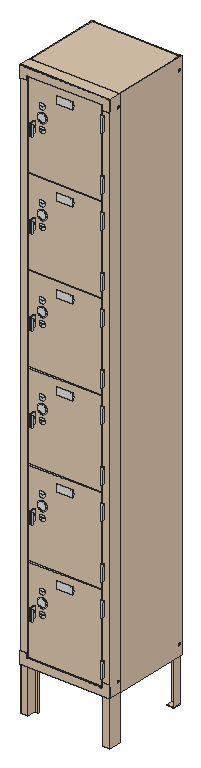
Revit family "Metal_Vented_Lockers-Salsbury_Industries-75000_76000_Series-1_Wide_Units", category Specialty Equipment, Revit 2023 (continued)
Definition of nested family "Vents"
  Lines and regions (in)
    model lines
      curve 61: spline (-0.12218, 0, 48.98929) -> (-0.10447, 0, 48.96016) -> (-0.08514, 0, 48.93573) -> (-0.06447, 0, 48.91637) -> (-0.04279, 0, 48.90239) -> (-0.02043, 0, 48.89399) -> (0.00227, 0, 48.89132) -> (0.02496, 0, 48.8944) -> (0.04728, 0, 48.90319) -> (0.0689, 0, 48.91755) -> (0.08949, 0, 48.93727) -> (0.10872, 0, 48.96205) -> (0.1263, 0, 48.99149)
      curve 62: line (-0.12218, 0, 48.98929) -> (-0.3738, 0, 49.64138)
      curve 63: line (0.1263, 0, 48.99149) -> (0.37669, 0, 49.64065)
      curve 64: spline (-0.12232, 0, 50.29311) -> (-0.1046, 0, 50.3224) -> (-0.08525, 0, 50.34698) -> (-0.06455, 0, 50.36644) -> (-0.04284, 0, 50.3805) -> (-0.02044, 0, 50.38894) -> (0.00229, 0, 50.39163) -> (0.02501, 0, 50.38853) -> (0.04737, 0, 50.37968) -> (0.06902, 0, 50.36522) -> (0.08963, 0, 50.34538) -> (0.10888, 0, 50.32045) -> (0.12647, 0, 50.29083)
      curve 65: line (-0.12232, 0, 50.29311) -> (-0.3738, 0, 49.64138)
      curve 66: line (0.12647, 0, 50.29083) -> (0.37669, 0, 49.64065)
      curve 67: spline (-0.12218, 0, 47.25229) -> (-0.10447, 0, 47.22316) -> (-0.08514, 0, 47.19873) -> (-0.06447, 0, 47.17937) -> (-0.04279, 0, 47.16539) -> (-0.02043, 0, 47.15699) -> (0.00227, 0, 47.15432) -> (0.02496, 0, 47.1574) -> (0.04728, 0, 47.16619) -> (0.0689, 0, 47.18055) -> (0.08949, 0, 47.20027) -> (0.10872, 0, 47.22505) -> (0.1263, 0, 47.25449)
      curve 68: line (-0.12218, 0, 47.25229) -> (-0.3738, 0, 47.90438)
      curve 69: line (0.1263, 0, 47.25449) -> (0.37669, 0, 47.90365)
      curve 70: spline (-0.12232, 0, 48.55611) -> (-0.1046, 0, 48.5854) -> (-0.08525, 0, 48.60998) -> (-0.06455, 0, 48.62944) -> (-0.04284, 0, 48.6435) -> (-0.02044, 0, 48.65194) -> (0.00229, 0, 48.65463) -> (0.02501, 0, 48.65153) -> (0.04737, 0, 48.64268) -> (0.06902, 0, 48.62822) -> (0.08963, 0, 48.60838) -> (0.10888, 0, 48.58345) -> (0.12647, 0, 48.55383)
      curve 71: line (-0.12232, 0, 48.55611) -> (-0.3738, 0, 47.90438)
      curve 72: line (0.12647, 0, 48.55383) -> (0.37669, 0, 47.90365)
      curve 73: spline (-0.12218, 0, 45.51529) -> (-0.10447, 0, 45.48616) -> (-0.08514, 0, 45.46173) -> (-0.06447, 0, 45.44237) -> (-0.04279, 0, 45.42839) -> (-0.02043, 0, 45.41999) -> (0.00227, 0, 45.41732) -> (0.02496, 0, 45.4204) -> (0.04728, 0, 45.42919) -> (0.0689, 0, 45.44355) -> (0.08949, 0, 45.46327) -> (0.10872, 0, 45.48805) -> (0.1263, 0, 45.51749)
      curve 74: line (-0.12218, 0, 45.51529) -> (-0.3738, 0, 46.16738)
      curve 75: line (0.1263, 0, 45.51749) -> (0.37669, 0, 46.16665)
      curve 76: spline (-0.12232, 0, 46.81911) -> (-0.1046, 0, 46.8484) -> (-0.08525, 0, 46.87298) -> (-0.06455, 0, 46.89244) -> (-0.04284, 0, 46.9065) -> (-0.02044, 0, 46.91494) -> (0.00229, 0, 46.91763) -> (0.02501, 0, 46.91453) -> (0.04737, 0, 46.90568) -> (0.06902, 0, 46.89122) -> (0.08963, 0, 46.87138) -> (0.10888, 0, 46.84645) -> (0.12647, 0, 46.81683)
      curve 77: line (-0.12232, 0, 46.81911) -> (-0.3738, 0, 46.16738)
      curve 78: line (0.12647, 0, 46.81683) -> (0.37669, 0, 46.16665)
      curve 79: spline (-0.12218, 0, 43.77829) -> (-0.10447, 0, 43.74916) -> (-0.08514, 0, 43.72473) -> (-0.06447, 0, 43.70537) -> (-0.04279, 0, 43.69139) -> (-0.02043, 0, 43.68299) -> (0.00227, 0, 43.68032) -> (0.02496, 0, 43.6834) -> (0.04728, 0, 43.69219) -> (0.0689, 0, 43.70655) -> (0.08949, 0, 43.72627) -> (0.10872, 0, 43.75105) -> (0.1263, 0, 43.78049)
      curve 80: line (-0.12218, 0, 43.77829) -> (-0.3738, 0, 44.43038)
      curve 81: line (0.1263, 0, 43.78049) -> (0.37669, 0, 44.42965)
      curve 82: spline (-0.12232, 0, 45.08211) -> (-0.1046, 0, 45.1114) -> (-0.08525, 0, 45.13598) -> (-0.06455, 0, 45.15544) -> (-0.04284, 0, 45.1695) -> (-0.02044, 0, 45.17794) -> (0.00229, 0, 45.18063) -> (0.02501, 0, 45.17753) -> (0.04737, 0, 45.16868) -> (0.06902, 0, 45.15422) -> (0.08963, 0, 45.13438) -> (0.10888, 0, 45.10945) -> (0.12647, 0, 45.07983)
      curve 83: line (-0.12232, 0, 45.08211) -> (-0.3738, 0, 44.43038)
      curve 84: line (0.12647, 0, 45.07983) -> (0.37669, 0, 44.42965)
      curve 85: spline (-0.12218, 0, 42.04129) -> (-0.10447, 0, 42.01216) -> (-0.08514, 0, 41.98773) -> (-0.06447, 0, 41.96837) -> (-0.04279, 0, 41.95439) -> (-0.02043, 0, 41.94599) -> (0.00227, 0, 41.94332) -> (0.02496, 0, 41.9464) -> (0.04728, 0, 41.95519) -> (0.0689, 0, 41.96955) -> (0.08949, 0, 41.98927) -> (0.10872, 0, 42.01405) -> (0.1263, 0, 42.04349)
      curve 86: line (-0.12218, 0, 42.04129) -> (-0.3738, 0, 42.69338)
      curve 87: line (0.1263, 0, 42.04349) -> (0.37669, 0, 42.69265)
      curve 88: spline (-0.12232, 0, 43.34511) -> (-0.1046, 0, 43.3744) -> (-0.08525, 0, 43.39898) -> (-0.06455, 0, 43.41844) -> (-0.04284, 0, 43.4325) -> (-0.02044, 0, 43.44094) -> (0.00229, 0, 43.44363) -> (0.02501, 0, 43.44053) -> (0.04737, 0, 43.43168) -> (0.06902, 0, 43.41722) -> (0.08963, 0, 43.39738) -> (0.10888, 0, 43.37245) -> (0.12647, 0, 43.34283)
      curve 89: line (-0.12232, 0, 43.34511) -> (-0.3738, 0, 42.69338)
      curve 90: line (0.12647, 0, 43.34283) -> (0.37669, 0, 42.69265)
      curve 91: spline (-0.12218, 0, 40.30429) -> (-0.10447, 0, 40.27516) -> (-0.08514, 0, 40.25073) -> (-0.06447, 0, 40.23137) -> (-0.04279, 0, 40.21739) -> (-0.02043, 0, 40.20899) -> (0.00227, 0, 40.20632) -> (0.02496, 0, 40.2094) -> (0.04728, 0, 40.21819) -> (0.0689, 0, 40.23255) -> (0.08949, 0, 40.25227) -> (0.10872, 0, 40.27705) -> (0.1263, 0, 40.30649)
      curve 92: line (-0.12218, 0, 40.30429) -> (-0.3738, 0, 40.95638)
      curve 93: line (0.1263, 0, 40.30649) -> (0.37669, 0, 40.95565)
      curve 94: spline (-0.12232, 0, 41.60811) -> (-0.1046, 0, 41.6374) -> (-0.08525, 0, 41.66198) -> (-0.06455, 0, 41.68144) -> (-0.04284, 0, 41.6955) -> (-0.02044, 0, 41.70394) -> (0.00229, 0, 41.70663) -> (0.02501, 0, 41.70353) -> (0.04737, 0, 41.69468) -> (0.06902, 0, 41.68022) -> (0.08963, 0, 41.66038) -> (0.10888, 0, 41.63545) -> (0.12647, 0, 41.60583)
      curve 95: line (-0.12232, 0, 41.60811) -> (-0.3738, 0, 40.95638)
      curve 96: line (0.12647, 0, 41.60583) -> (0.37669, 0, 40.95565)
      curve 97: spline (-0.12218, 0, 38.56729) -> (-0.10447, 0, 38.53816) -> (-0.08514, 0, 38.51373) -> (-0.06447, 0, 38.49437) -> (-0.04279, 0, 38.48039) -> (-0.02043, 0, 38.47199) -> (0.00227, 0, 38.46932) -> (0.02496, 0, 38.4724) -> (0.04728, 0, 38.48119) -> (0.0689, 0, 38.49555) -> (0.08949, 0, 38.51527) -> (0.10872, 0, 38.54005) -> (0.1263, 0, 38.56949)
      curve 98: line (-0.12218, 0, 38.56729) -> (-0.3738, 0, 39.21938)
      curve 99: line (0.1263, 0, 38.56949) -> (0.37669, 0, 39.21865)
      curve 100: spline (-0.12232, 0, 39.87111) -> (-0.1046, 0, 39.9004) -> (-0.08525, 0, 39.92498) -> (-0.06455, 0, 39.94444) -> (-0.04284, 0, 39.9585) -> (-0.02044, 0, 39.96694) -> (0.00229, 0, 39.96963) -> (0.02501, 0, 39.96653) -> (0.04737, 0, 39.95768) -> (0.06902, 0, 39.94322) -> (0.08963, 0, 39.92338) -> (0.10888, 0, 39.89845) -> (0.12647, 0, 39.86883)
      curve 101: line (-0.12232, 0, 39.87111) -> (-0.3738, 0, 39.21938)
      curve 102: line (0.12647, 0, 39.86883) -> (0.37669, 0, 39.21865)
      curve 103: spline (-0.12218, 0, 36.83029) -> (-0.10447, 0, 36.80116) -> (-0.08514, 0, 36.77673) -> (-0.06447, 0, 36.75737) -> (-0.04279, 0, 36.74339) -> (-0.02043, 0, 36.73499) -> (0.00227, 0, 36.73232) -> (0.02496, 0, 36.7354) -> (0.04728, 0, 36.74419) -> (0.0689, 0, 36.75855) -> (0.08949, 0, 36.77827) -> (0.10872, 0, 36.80305) -> (0.1263, 0, 36.83249)
      curve 104: line (-0.12218, 0, 36.83029) -> (-0.3738, 0, 37.48238)
      curve 105: line (0.1263, 0, 36.83249) -> (0.37669, 0, 37.48165)
      curve 106: spline (-0.12232, 0, 38.13411) -> (-0.1046, 0, 38.1634) -> (-0.08525, 0, 38.18798) -> (-0.06455, 0, 38.20744) -> (-0.04284, 0, 38.2215) -> (-0.02044, 0, 38.22994) -> (0.00229, 0, 38.23263) -> (0.02501, 0, 38.22953) -> (0.04737, 0, 38.22068) -> (0.06902, 0, 38.20622) -> (0.08963, 0, 38.18638) -> (0.10888, 0, 38.16145) -> (0.12647, 0, 38.13183)
      curve 107: line (-0.12232, 0, 38.13411) -> (-0.3738, 0, 37.48238)
      curve 108: line (0.12647, 0, 38.13183) -> (0.37669, 0, 37.48165)
      curve 109: spline (-0.12218, 0, 35.09329) -> (-0.10447, 0, 35.06416) -> (-0.08514, 0, 35.03973) -> (-0.06447, 0, 35.02037) -> (-0.04279, 0, 35.00639) -> (-0.02043, 0, 34.99799) -> (0.00227, 0, 34.99532) -> (0.02496, 0, 34.9984) -> (0.04728, 0, 35.00719) -> (0.0689, 0, 35.02155) -> (0.08949, 0, 35.04127) -> (0.10872, 0, 35.06605) -> (0.1263, 0, 35.09549)
      curve 110: line (-0.12218, 0, 35.09329) -> (-0.3738, 0, 35.74538)
      curve 111: line (0.1263, 0, 35.09549) -> (0.37669, 0, 35.74465)
      curve 112: spline (-0.12232, 0, 36.39711) -> (-0.1046, 0, 36.4264) -> (-0.08525, 0, 36.45098) -> (-0.06455, 0, 36.47044) -> (-0.04284, 0, 36.4845) -> (-0.02044, 0, 36.49294) -> (0.00229, 0, 36.49563) -> (0.02501, 0, 36.49253) -> (0.04737, 0, 36.48368) -> (0.06902, 0, 36.46922) -> (0.08963, 0, 36.44938) -> (0.10888, 0, 36.42445) -> (0.12647, 0, 36.39483)
      curve 113: line (-0.12232, 0, 36.39711) -> (-0.3738, 0, 35.74538)
      curve 114: line (0.12647, 0, 36.39483) -> (0.37669, 0, 35.74465)
      curve 115: spline (-0.12218, 0, 33.35629) -> (-0.10447, 0, 33.32716) -> (-0.08514, 0, 33.30273) -> (-0.06447, 0, 33.28337) -> (-0.04279, 0, 33.26939) -> (-0.02043, 0, 33.26099) -> (0.00227, 0, 33.25832) -> (0.02496, 0, 33.2614) -> (0.04728, 0, 33.27019) -> (0.0689, 0, 33.28455) -> (0.08949, 0, 33.30427) -> (0.10872, 0, 33.32905) -> (0.1263, 0, 33.35849)
      curve 116: line (-0.12218, 0, 33.35629) -> (-0.3738, 0, 34.00838)
      curve 117: line (0.1263, 0, 33.35849) -> (0.37669, 0, 34.00765)
      curve 118: spline (-0.12232, 0, 34.66011) -> (-0.1046, 0, 34.6894) -> (-0.08525, 0, 34.71398) -> (-0.06455, 0, 34.73344) -> (-0.04284, 0, 34.7475) -> (-0.02044, 0, 34.75594) -> (0.00229, 0, 34.75863) -> (0.02501, 0, 34.75553) -> (0.04737, 0, 34.74668) -> (0.06902, 0, 34.73222) -> (0.08963, 0, 34.71238) -> (0.10888, 0, 34.68745) -> (0.12647, 0, 34.65783)
      curve 119: line (-0.12232, 0, 34.66011) -> (-0.3738, 0, 34.00838)
      curve 120: line (0.12647, 0, 34.65783) -> (0.37669, 0, 34.00765)
      curve 121: spline (-0.12218, 0, 31.61929) -> (-0.10447, 0, 31.59016) -> (-0.08514, 0, 31.56573) -> (-0.06447, 0, 31.54637) -> (-0.04279, 0, 31.53239) -> (-0.02043, 0, 31.52399) -> (0.00227, 0, 31.52132) -> (0.02496, 0, 31.5244) -> (0.04728, 0, 31.53319) -> (0.0689, 0, 31.54755) -> (0.08949, 0, 31.56727) -> (0.10872, 0, 31.59205) -> (0.1263, 0, 31.62149)
      curve 122: line (-0.12218, 0, 31.61929) -> (-0.3738, 0, 32.27138)
      curve 123: line (0.1263, 0, 31.62149) -> (0.37669, 0, 32.27065)
      curve 124: spline (-0.12232, 0, 32.92311) -> (-0.1046, 0, 32.9524) -> (-0.08525, 0, 32.97698) -> (-0.06455, 0, 32.99644) -> (-0.04284, 0, 33.0105) -> (-0.02044, 0, 33.01894) -> (0.00229, 0, 33.02163) -> (0.02501, 0, 33.01853) -> (0.04737, 0, 33.00968) -> (0.06902, 0, 32.99522) -> (0.08963, 0, 32.97538) -> (0.10888, 0, 32.95045) -> (0.12647, 0, 32.92083)
      curve 125: line (-0.12232, 0, 32.92311) -> (-0.3738, 0, 32.27138)
      curve 126: line (0.12647, 0, 32.92083) -> (0.37669, 0, 32.27065)
      curve 127: spline (-0.12218, 0, 29.88229) -> (-0.10447, 0, 29.85316) -> (-0.08514, 0, 29.82873) -> (-0.06447, 0, 29.80937) -> (-0.04279, 0, 29.79539) -> (-0.02043, 0, 29.78699) -> (0.00227, 0, 29.78432) -> (0.02496, 0, 29.7874) -> (0.04728, 0, 29.79619) -> (0.0689, 0, 29.81055) -> (0.08949, 0, 29.83027) -> (0.10872, 0, 29.85505) -> (0.1263, 0, 29.88449)
      curve 128: line (-0.12218, 0, 29.88229) -> (-0.3738, 0, 30.53438)
      curve 129: line (0.1263, 0, 29.88449) -> (0.37669, 0, 30.53365)
      curve 130: spline (-0.12232, 0, 31.18611) -> (-0.1046, 0, 31.2154) -> (-0.08525, 0, 31.23998) -> (-0.06455, 0, 31.25944) -> (-0.04284, 0, 31.2735) -> (-0.02044, 0, 31.28194) -> (0.00229, 0, 31.28463) -> (0.02501, 0, 31.28153) -> (0.04737, 0, 31.27268) -> (0.06902, 0, 31.25822) -> (0.08963, 0, 31.23838) -> (0.10888, 0, 31.21345) -> (0.12647, 0, 31.18383)
      curve 131: line (-0.12232, 0, 31.18611) -> (-0.3738, 0, 30.53438)
      curve 132: line (0.12647, 0, 31.18383) -> (0.37669, 0, 30.53365)
      curve 133: spline (-0.12218, 0, 28.14529) -> (-0.10447, 0, 28.11616) -> (-0.08514, 0, 28.09173) -> (-0.06447, 0, 28.07237) -> (-0.04279, 0, 28.05839) -> (-0.02043, 0, 28.04999) -> (0.00227, 0, 28.04732) -> (0.02496, 0, 28.0504) -> (0.04728, 0, 28.05919) -> (0.0689, 0, 28.07355) -> (0.08949, 0, 28.09327) -> (0.10872, 0, 28.11805) -> (0.1263, 0, 28.14749)
      curve 134: line (-0.12218, 0, 28.14529) -> (-0.3738, 0, 28.79738)
      curve 135: line (0.1263, 0, 28.14749) -> (0.37669, 0, 28.79665)
      curve 136: spline (-0.12232, 0, 29.44911) -> (-0.1046, 0, 29.4784) -> (-0.08525, 0, 29.50298) -> (-0.06455, 0, 29.52244) -> (-0.04284, 0, 29.5365) -> (-0.02044, 0, 29.54494) -> (0.00229, 0, 29.54763) -> (0.02501, 0, 29.54453) -> (0.04737, 0, 29.53568) -> (0.06902, 0, 29.52122) -> (0.08963, 0, 29.50138) -> (0.10888, 0, 29.47645) -> (0.12647, 0, 29.44683)
      curve 137: line (-0.12232, 0, 29.44911) -> (-0.3738, 0, 28.79738)
      curve 138: line (0.12647, 0, 29.44683) -> (0.37669, 0, 28.79665)
      curve 139: spline (-0.12218, 0, 26.40829) -> (-0.10447, 0, 26.37916) -> (-0.08514, 0, 26.35473) -> (-0.06447, 0, 26.33537) -> (-0.04279, 0, 26.32139) -> (-0.02043, 0, 26.31299) -> (0.00227, 0, 26.31032) -> (0.02496, 0, 26.3134) -> (0.04728, 0, 26.32219) -> (0.0689, 0, 26.33655) -> (0.08949, 0, 26.35627) -> (0.10872, 0, 26.38105) -> (0.1263, 0, 26.41049)
      curve 140: line (-0.12218, 0, 26.40829) -> (-0.3738, 0, 27.06038)
      curve 141: line (0.1263, 0, 26.41049) -> (0.37669, 0, 27.05965)
      curve 142: spline (-0.12232, 0, 27.71211) -> (-0.1046, 0, 27.7414) -> (-0.08525, 0, 27.76598) -> (-0.06455, 0, 27.78544) -> (-0.04284, 0, 27.7995) -> (-0.02044, 0, 27.80794) -> (0.00229, 0, 27.81063) -> (0.02501, 0, 27.80753) -> (0.04737, 0, 27.79868) -> (0.06902, 0, 27.78422) -> (0.08963, 0, 27.76438) -> (0.10888, 0, 27.73945) -> (0.12647, 0, 27.70983)
      curve 143: line (-0.12232, 0, 27.71211) -> (-0.3738, 0, 27.06038)
      curve 144: line (0.12647, 0, 27.70983) -> (0.37669, 0, 27.05965)
      curve 145: spline (-0.12218, 0, 24.67129) -> (-0.10447, 0, 24.64216) -> (-0.08514, 0, 24.61773) -> (-0.06447, 0, 24.59837) -> (-0.04279, 0, 24.58439) -> (-0.02043, 0, 24.57599) -> (0.00227, 0, 24.57332) -> (0.02496, 0, 24.5764) -> (0.04728, 0, 24.58519) -> (0.0689, 0, 24.59955) -> (0.08949, 0, 24.61927) -> (0.10872, 0, 24.64405) -> (0.1263, 0, 24.67349)
      curve 146: line (-0.12218, 0, 24.67129) -> (-0.3738, 0, 25.32338)
      curve 147: line (0.1263, 0, 24.67349) -> (0.37669, 0, 25.32265)
      curve 148: spline (-0.12232, 0, 25.97511) -> (-0.1046, 0, 26.0044) -> (-0.08525, 0, 26.02898) -> (-0.06455, 0, 26.04844) -> (-0.04284, 0, 26.0625) -> (-0.02044, 0, 26.07094) -> (0.00229, 0, 26.07363) -> (0.02501, 0, 26.07053) -> (0.04737, 0, 26.06168) -> (0.06902, 0, 26.04722) -> (0.08963, 0, 26.02738) -> (0.10888, 0, 26.00245) -> (0.12647, 0, 25.97283)
      curve 149: line (-0.12232, 0, 25.97511) -> (-0.3738, 0, 25.32338)
      curve 150: line (0.12647, 0, 25.97283) -> (0.37669, 0, 25.32265)
      curve 151: spline (-0.12218, 0, 22.93429) -> (-0.10447, 0, 22.90516) -> (-0.08514, 0, 22.88073) -> (-0.06447, 0, 22.86137) -> (-0.04279, 0, 22.84739) -> (-0.02043, 0, 22.83899) -> (0.00227, 0, 22.83632) -> (0.02496, 0, 22.8394) -> (0.04728, 0, 22.84819) -> (0.0689, 0, 22.86255) -> (0.08949, 0, 22.88227) -> (0.10872, 0, 22.90705) -> (0.1263, 0, 22.93649)
      curve 152: line (-0.12218, 0, 22.93429) -> (-0.3738, 0, 23.58638)
      curve 153: line (0.1263, 0, 22.93649) -> (0.37669, 0, 23.58565)
      curve 154: spline (-0.12232, 0, 24.23811) -> (-0.1046, 0, 24.2674) -> (-0.08525, 0, 24.29198) -> (-0.06455, 0, 24.31144) -> (-0.04284, 0, 24.3255) -> (-0.02044, 0, 24.33394) -> (0.00229, 0, 24.33663) -> (0.02501, 0, 24.33353) -> (0.04737, 0, 24.32468) -> (0.06902, 0, 24.31022) -> (0.08963, 0, 24.29038) -> (0.10888, 0, 24.26545) -> (0.12647, 0, 24.23583)
      curve 155: line (-0.12232, 0, 24.23811) -> (-0.3738, 0, 23.58638)
      curve 156: line (0.12647, 0, 24.23583) -> (0.37669, 0, 23.58565)
      curve 157: spline (-0.12218, 0, 21.19729) -> (-0.10447, 0, 21.16816) -> (-0.08514, 0, 21.14373) -> (-0.06447, 0, 21.12437) -> (-0.04279, 0, 21.11039) -> (-0.02043, 0, 21.10199) -> (0.00227, 0, 21.09932) -> (0.02496, 0, 21.1024) -> (0.04728, 0, 21.11119) -> (0.0689, 0, 21.12555) -> (0.08949, 0, 21.14527) -> (0.10872, 0, 21.17005) -> (0.1263, 0, 21.19949)
      curve 158: line (-0.12218, 0, 21.19729) -> (-0.3738, 0, 21.84938)
      curve 159: line (0.1263, 0, 21.19949) -> (0.37669, 0, 21.84865)
      curve 160: spline (-0.12232, 0, 22.50111) -> (-0.1046, 0, 22.5304) -> (-0.08525, 0, 22.55498) -> (-0.06455, 0, 22.57444) -> (-0.04284, 0, 22.5885) -> (-0.02044, 0, 22.59694) -> (0.00229, 0, 22.59963) -> (0.02501, 0, 22.59653) -> (0.04737, 0, 22.58768) -> (0.06902, 0, 22.57322) -> (0.08963, 0, 22.55338) -> (0.10888, 0, 22.52845) -> (0.12647, 0, 22.49883)
      curve 161: line (-0.12232, 0, 22.50111) -> (-0.3738, 0, 21.84938)
      curve 162: line (0.12647, 0, 22.49883) -> (0.37669, 0, 21.84865)
      curve 163: spline (-0.12218, 0, 19.46029) -> (-0.10447, 0, 19.43116) -> (-0.08514, 0, 19.40673) -> (-0.06447, 0, 19.38737) -> (-0.04279, 0, 19.37339) -> (-0.02043, 0, 19.36499) -> (0.00227, 0, 19.36232) -> (0.02496, 0, 19.3654) -> (0.04728, 0, 19.37419) -> (0.0689, 0, 19.38855) -> (0.08949, 0, 19.40827) -> (0.10872, 0, 19.43305) -> (0.1263, 0, 19.46249)
      curve 164: line (-0.12218, 0, 19.46029) -> (-0.3738, 0, 20.11238)
      curve 165: line (0.1263, 0, 19.46249) -> (0.37669, 0, 20.11165)
      curve 166: spline (-0.12232, 0, 20.76411) -> (-0.1046, 0, 20.7934) -> (-0.08525, 0, 20.81798) -> (-0.06455, 0, 20.83744) -> (-0.04284, 0, 20.8515) -> (-0.02044, 0, 20.85994) -> (0.00229, 0, 20.86263) -> (0.02501, 0, 20.85953) -> (0.04737, 0, 20.85068) -> (0.06902, 0, 20.83622) -> (0.08963, 0, 20.81638) -> (0.10888, 0, 20.79145) -> (0.12647, 0, 20.76183)
      curve 167: line (-0.12232, 0, 20.76411) -> (-0.3738, 0, 20.11238)
      curve 168: line (0.12647, 0, 20.76183) -> (0.37669, 0, 20.11165)
      curve 197: spline (-0.12218, 0, 17.72329) -> (-0.10447, 0, 17.69416) -> (-0.08514, 0, 17.66973) -> (-0.06447, 0, 17.65037) -> (-0.04279, 0, 17.63639) -> (-0.02043, 0, 17.62799) -> (0.00227, 0, 17.62532) -> (0.02496, 0, 17.6284) -> (0.04728, 0, 17.63719) -> (0.0689, 0, 17.65155) -> (0.08949, 0, 17.67127) -> (0.10872, 0, 17.69605) -> (0.1263, 0, 17.72549)
      curve 198: line (-0.12218, 0, 17.72329) -> (-0.3738, 0, 18.37538)
      curve 199: line (0.1263, 0, 17.72549) -> (0.37669, 0, 18.37465)
      curve 200: spline (-0.12232, 0, 19.02711) -> (-0.1046, 0, 19.0564) -> (-0.08525, 0, 19.08098) -> (-0.06455, 0, 19.10044) -> (-0.04284, 0, 19.1145) -> (-0.02044, 0, 19.12294) -> (0.00229, 0, 19.12563) -> (0.02501, 0, 19.12253) -> (0.04737, 0, 19.11368) -> (0.06902, 0, 19.09922) -> (0.08963, 0, 19.07938) -> (0.10888, 0, 19.05445) -> (0.12647, 0, 19.02483)
      curve 201: line (-0.12232, 0, 19.02711) -> (-0.3738, 0, 18.37538)
      curve 202: line (0.12647, 0, 19.02483) -> (0.37669, 0, 18.37465)
      curve 204: spline (-0.12218, 0, 15.98629) -> (-0.10447, 0, 15.95716) -> (-0.08514, 0, 15.93273) -> (-0.06447, 0, 15.91337) -> (-0.04279, 0, 15.89939) -> (-0.02043, 0, 15.89099) -> (0.00227, 0, 15.88832) -> (0.02496, 0, 15.8914) -> (0.04728, 0, 15.90019) -> (0.0689, 0, 15.91455) -> (0.08949, 0, 15.93427) -> (0.10872, 0, 15.95905) -> (0.1263, 0, 15.98849)
      curve 205: line (-0.12218, 0, 15.98629) -> (-0.3738, 0, 16.63838)
      curve 206: line (0.1263, 0, 15.98849) -> (0.37669, 0, 16.63765)
      curve 207: spline (-0.12232, 0, 17.29011) -> (-0.1046, 0, 17.3194) -> (-0.08525, 0, 17.34398) -> (-0.06455, 0, 17.36344) -> (-0.04284, 0, 17.3775) -> (-0.02044, 0, 17.38594) -> (0.00229, 0, 17.38863) -> (0.02501, 0, 17.38553) -> (0.04737, 0, 17.37668) -> (0.06902, 0, 17.36222) -> (0.08963, 0, 17.34238) -> (0.10888, 0, 17.31745) -> (0.12647, 0, 17.28783)
      curve 208: line (-0.12232, 0, 17.29011) -> (-0.3738, 0, 16.63838)
      curve 209: line (0.12647, 0, 17.28783) -> (0.37669, 0, 16.63765)
      curve 211: spline (-0.12218, 0, 14.24929) -> (-0.10447, 0, 14.22016) -> (-0.08514, 0, 14.19573) -> (-0.06447, 0, 14.17637) -> (-0.04279, 0, 14.16239) -> (-0.02043, 0, 14.15399) -> (0.00227, 0, 14.15132) -> (0.02496, 0, 14.1544) -> (0.04728, 0, 14.16319) -> (0.0689, 0, 14.17755) -> (0.08949, 0, 14.19727) -> (0.10872, 0, 14.22205) -> (0.1263, 0, 14.25149)
      curve 212: line (-0.12218, 0, 14.24929) -> (-0.3738, 0, 14.90138)
      curve 213: line (0.1263, 0, 14.25149) -> (0.37669, 0, 14.90065)
      curve 214: spline (-0.12232, 0, 15.55311) -> (-0.1046, 0, 15.5824) -> (-0.08525, 0, 15.60698) -> (-0.06455, 0, 15.62644) -> (-0.04284, 0, 15.6405) -> (-0.02044, 0, 15.64894) -> (0.00229, 0, 15.65163) -> (0.02501, 0, 15.64853) -> (0.04737, 0, 15.63968) -> (0.06902, 0, 15.62522) -> (0.08963, 0, 15.60538) -> (0.10888, 0, 15.58045) -> (0.12647, 0, 15.55083)
      curve 215: line (-0.12232, 0, 15.55311) -> (-0.3738, 0, 14.90138)
      curve 216: line (0.12647, 0, 15.55083) -> (0.37669, 0, 14.90065)
      curve 218: spline (-0.12218, 0, 12.51229) -> (-0.10447, 0, 12.48316) -> (-0.08514, 0, 12.45873) -> (-0.06447, 0, 12.43937) -> (-0.04279, 0, 12.42539) -> (-0.02043, 0, 12.41699) -> (0.00227, 0, 12.41432) -> (0.02496, 0, 12.4174) -> (0.04728, 0, 12.42619) -> (0.0689, 0, 12.44055) -> (0.08949, 0, 12.46027) -> (0.10872, 0, 12.48505) -> (0.1263, 0, 12.51449)
      curve 219: line (-0.12218, 0, 12.51229) -> (-0.3738, 0, 13.16438)
      curve 220: line (0.1263, 0, 12.51449) -> (0.37669, 0, 13.16365)
      curve 221: spline (-0.12232, 0, 13.81611) -> (-0.1046, 0, 13.8454) -> (-0.08525, 0, 13.86998) -> (-0.06455, 0, 13.88944) -> (-0.04284, 0, 13.9035) -> (-0.02044, 0, 13.91194) -> (0.00229, 0, 13.91463) -> (0.02501, 0, 13.91153) -> (0.04737, 0, 13.90268) -> (0.06902, 0, 13.88822) -> (0.08963, 0, 13.86838) -> (0.10888, 0, 13.84345) -> (0.12647, 0, 13.81383)
      curve 222: line (-0.12232, 0, 13.81611) -> (-0.3738, 0, 13.16438)
      curve 223: line (0.12647, 0, 13.81383) -> (0.37669, 0, 13.16365)
      curve 225: spline (-0.12218, 0, 10.77529) -> (-0.10447, 0, 10.74616) -> (-0.08514, 0, 10.72173) -> (-0.06447, 0, 10.70237) -> (-0.04279, 0, 10.68839) -> (-0.02043, 0, 10.67999) -> (0.00227, 0, 10.67732) -> (0.02496, 0, 10.6804) -> (0.04728, 0, 10.68919) -> (0.0689, 0, 10.70355) -> (0.08949, 0, 10.72327) -> (0.10872, 0, 10.74805) -> (0.1263, 0, 10.77749)
      curve 226: line (-0.12218, 0, 10.77529) -> (-0.3738, 0, 11.42738)
      curve 227: line (0.1263, 0, 10.77749) -> (0.37669, 0, 11.42665)
      curve 228: spline (-0.12232, 0, 12.07911) -> (-0.1046, 0, 12.1084) -> (-0.08525, 0, 12.13298) -> (-0.06455, 0, 12.15244) -> (-0.04284, 0, 12.1665) -> (-0.02044, 0, 12.17494) -> (0.00229, 0, 12.17763) -> (0.02501, 0, 12.17453) -> (0.04737, 0, 12.16568) -> (0.06902, 0, 12.15122) -> (0.08963, 0, 12.13138) -> (0.10888, 0, 12.10645) -> (0.12647, 0, 12.07683)
      curve 229: line (-0.12232, 0, 12.07911) -> (-0.3738, 0, 11.42738)
      curve 230: line (0.12647, 0, 12.07683) -> (0.37669, 0, 11.42665)
      curve 232: spline (-0.12218, 0, 9.03829) -> (-0.10447, 0, 9.00916) -> (-0.08514, 0, 8.98473) -> (-0.06447, 0, 8.96537) -> (-0.04279, 0, 8.95139) -> (-0.02043, 0, 8.94299) -> (0.00227, 0, 8.94032) -> (0.02496, 0, 8.9434) -> (0.04728, 0, 8.95219) -> (0.0689, 0, 8.96655) -> (0.08949, 0, 8.98627) -> (0.10872, 0, 9.01105) -> (0.1263, 0, 9.04049)
      curve 233: line (-0.12218, 0, 9.03829) -> (-0.3738, 0, 9.69038)
      curve 234: line (0.1263, 0, 9.04049) -> (0.37669, 0, 9.68965)
      curve 235: spline (-0.12232, 0, 10.34211) -> (-0.1046, 0, 10.3714) -> (-0.08525, 0, 10.39598) -> (-0.06455, 0, 10.41544) -> (-0.04284, 0, 10.4295) -> (-0.02044, 0, 10.43794) -> (0.00229, 0, 10.44063) -> (0.02501, 0, 10.43753) -> (0.04737, 0, 10.42868) -> (0.06902, 0, 10.41422) -> (0.08963, 0, 10.39438) -> (0.10888, 0, 10.36945) -> (0.12647, 0, 10.33983)
      curve 236: line (-0.12232, 0, 10.34211) -> (-0.3738, 0, 9.69038)
      curve 237: line (0.12647, 0, 10.33983) -> (0.37669, 0, 9.68965)
      curve 239: spline (-0.12218, 0, 7.30129) -> (-0.10447, 0, 7.27216) -> (-0.08514, 0, 7.24773) -> (-0.06447, 0, 7.22837) -> (-0.04279, 0, 7.21439) -> (-0.02043, 0, 7.20599) -> (0.00227, 0, 7.20332) -> (0.02496, 0, 7.2064) -> (0.04728, 0, 7.21519) -> (0.0689, 0, 7.22955) -> (0.08949, 0, 7.24927) -> (0.10872, 0, 7.27405) -> (0.1263, 0, 7.30349)
      curve 240: line (-0.12218, 0, 7.30129) -> (-0.3738, 0, 7.95338)
      curve 241: line (0.1263, 0, 7.30349) -> (0.37669, 0, 7.95265)
      curve 242: spline (-0.12232, 0, 8.60511) -> (-0.1046, 0, 8.6344) -> (-0.08525, 0, 8.65898) -> (-0.06455, 0, 8.67844) -> (-0.04284, 0, 8.6925) -> (-0.02044, 0, 8.70094) -> (0.00229, 0, 8.70363) -> (0.02501, 0, 8.70053) -> (0.04737, 0, 8.69168) -> (0.06902, 0, 8.67722) -> (0.08963, 0, 8.65738) -> (0.10888, 0, 8.63245) -> (0.12647, 0, 8.60283)
      curve 243: line (-0.12232, 0, 8.60511) -> (-0.3738, 0, 7.95338)
      curve 244: line (0.12647, 0, 8.60283) -> (0.37669, 0, 7.95265)
      curve 246: spline (-0.12218, 0, 5.56429) -> (-0.10447, 0, 5.53516) -> (-0.08514, 0, 5.51073) -> (-0.06447, 0, 5.49137) -> (-0.04279, 0, 5.47739) -> (-0.02043, 0, 5.46899) -> (0.00227, 0, 5.46632) -> (0.02496, 0, 5.4694) -> (0.04728, 0, 5.47819) -> (0.0689, 0, 5.49255) -> (0.08949, 0, 5.51227) -> (0.10872, 0, 5.53705) -> (0.1263, 0, 5.56649)
      curve 247: line (-0.12218, 0, 5.56429) -> (-0.3738, 0, 6.21638)
      curve 248: line (0.1263, 0, 5.56649) -> (0.37669, 0, 6.21565)
      curve 249: spline (-0.12232, 0, 6.86811) -> (-0.1046, 0, 6.8974) -> (-0.08525, 0, 6.92198) -> (-0.06455, 0, 6.94144) -> (-0.04284, 0, 6.9555) -> (-0.02044, 0, 6.96394) -> (0.00229, 0, 6.96663) -> (0.02501, 0, 6.96353) -> (0.04737, 0, 6.95468) -> (0.06902, 0, 6.94022) -> (0.08963, 0, 6.92038) -> (0.10888, 0, 6.89545) -> (0.12647, 0, 6.86583)
      curve 250: line (-0.12232, 0, 6.86811) -> (-0.3738, 0, 6.21638)
      curve 251: line (0.12647, 0, 6.86583) -> (0.37669, 0, 6.21565)
    reference lines
      curve 169: line (-0.37307, 0, 67.00949) -> (0.37714, 0, 67.00949)
      curve 170: line (-0.37307, 0, 65.27249) -> (0.37714, 0, 65.27249)
      curve 171: line (-0.37307, 0, 63.53549) -> (0.37714, 0, 63.53549)
      curve 172: line (-0.37307, 0, 61.79849) -> (0.37714, 0, 61.79849)
      curve 173: line (-0.37307, 0, 60.06149) -> (0.37714, 0, 60.06149)
      curve 174: line (-0.37307, 0, 58.32449) -> (0.37714, 0, 58.32449)
      curve 175: line (-0.37307, 0, 56.58749) -> (0.37714, 0, 56.58749)
      curve 176: line (-0.37307, 0, 54.85049) -> (0.37714, 0, 54.85049)
      curve 177: line (-0.37307, 0, 53.11349) -> (0.37714, 0, 53.11349)
      curve 178: line (-0.37307, 0, 51.37649) -> (0.37714, 0, 51.37649)
      curve 179: line (-0.37307, 0, 49.63949) -> (0.37714, 0, 49.63949)
      curve 180: line (-0.37307, 0, 47.90249) -> (0.37714, 0, 47.90249)
      curve 181: line (-0.37307, 0, 46.16549) -> (0.37714, 0, 46.16549)
      curve 182: line (-0.37307, 0, 44.42849) -> (0.37714, 0, 44.42849)
      curve 183: line (-0.37307, 0, 42.69149) -> (0.37714, 0, 42.69149)
      curve 184: line (-0.37307, 0, 40.95449) -> (0.37714, 0, 40.95449)
      curve 185: line (-0.37307, 0, 39.21749) -> (0.37714, 0, 39.21749)
      curve 186: line (-0.37307, 0, 37.48049) -> (0.37714, 0, 37.48049)
      curve 187: line (-0.37307, 0, 35.74349) -> (0.37714, 0, 35.74349)
      curve 188: line (-0.37307, 0, 34.00649) -> (0.37714, 0, 34.00649)
      curve 189: line (-0.37307, 0, 32.26949) -> (0.37714, 0, 32.26949)
      curve 190: line (-0.37307, 0, 30.53249) -> (0.37714, 0, 30.53249)
      curve 191: line (-0.37307, 0, 28.79549) -> (0.37714, 0, 28.79549)
      curve 192: line (-0.37307, 0, 27.05849) -> (0.37714, 0, 27.05849)
      curve 193: line (-0.37307, 0, 25.32149) -> (0.37714, 0, 25.32149)
      curve 194: line (-0.37307, 0, 23.58449) -> (0.37714, 0, 23.58449)
      curve 195: line (-0.37307, 0, 21.84749) -> (0.37714, 0, 21.84749)
      curve 196: line (-0.37307, 0, 20.11049) -> (0.37714, 0, 20.11049)
      curve 203: line (-0.37307, 0, 18.37349) -> (0.37714, 0, 18.37349)
      curve 210: line (-0.37307, 0, 16.63649) -> (0.37714, 0, 16.63649)
      curve 217: line (-0.37307, 0, 14.89949) -> (0.37714, 0, 14.89949)
      curve 224: line (-0.37307, 0, 13.16249) -> (0.37714, 0, 13.16249)
      curve 231: line (-0.37307, 0, 11.42549) -> (0.37714, 0, 11.42549)
      curve 238: line (-0.37307, 0, 9.68849) -> (0.37714, 0, 9.68849)
      curve 245: line (-0.37307, 0, 7.95149) -> (0.37714, 0, 7.95149)
      curve 252: line (-0.37307, 0, 6.21449) -> (0.37714, 0, 6.21449)
  Dimensions and locks (in)
    equal spacing: group 1, group 2, group 3, group 4, group 5, group 6, group 7, group 8, group 9, group 10, group 11, group 12, group 13, group 14, group 15, group 16, group 17, group 18, group 19, group 20, group 21, group 22, group 23, group 24, group 25, group 26, group 27, group 28, group 29, group 30, group 31, group 32, group 33, group 34, group 35, group 36  (x2)
    equal spacing: group 36, group 35, group 34, group 33, group 32, group 31, group 30, group 29, group 28, group 27, group 26, group 25, group 24, group 23, group 22, group 21, group 20, group 19, group 18, group 17, group 16, group 15, group 14, group 13, group 12, group 11, group 10, group 9, group 8, group 7, group 6, group 5, group 4, group 3, group 2, group 1
    aligned and locked: level to plane 2
Types (18): name | Zee Base | Vent Offset | Vent Configuration Height | Vent Array 2 | Vent Array 1 | Unit Height including Sloping Hood Only | Unit Height | Type Comments | Total Door(s) Height | Top Door | Top Compartment Divider | Sloping Hood Height | Primary Structure Material | Unit Height including Base Only | Overall Unit Height (including Base and Sloping Hood) | Model | Individual Door Height | Hasp Plate Rivet Material | Door Location D1 | Description | Depth | Compartment Divider Height | Base Height | Standard Leg Base
  76162 - with Standard 6" High Legs | Metal Locker Zee Base : None | 3.250" | Vents : 6 foot high vents | 5 | 6 | 78.625" | 72.000" | "12\" Wide Vented Metal Locker - Box Style Six Tier" | 69.81949" | yes | yes | 6.625" | Steel - Salsbury Finish = Tan | 78.000" | 84.625" | "76162" | 11.534" | Steel -Salsbury Finish =  Polished Steel | Vented Metal Locker Doors-12 inch with Latch Hasps : Six Tier Door - 6 foot | "1 Wide - 6 Feet High - 12 Inches Deep" | 12.010" | 11.159" | 6.000" | Metal Locker Legs : 6" High - 12" W x 12" D
  76165 - with Standard 6" High Legs | Metal Locker Zee Base : None | 3.500" | Vents : 6 foot high vents | 7 | 8 | 80.682" | 72.000" | "12\" Wide Vented Metal Locker - Box Style Six Tier" | 69.81949" | yes | yes | 8.682" | Paint - Salsbury Finish - Tan | 78.000" | 86.682" | "76165" | 11.534" | Steel -Salsbury Finish - Polished Steel | Vented Metal Locker Doors-12 inch with Latch Hasps : Six Tier Door - 6 foot | "1 Wide - 6 Feet High - 15 Inches Deep" | 15.010" | 11.159" | 6.000" | Metal Locker Legs : 6" High - 12" W x 15" D
  76168 - with Standard 6" High Legs | Metal Locker Zee Base : None | 3.750" | Vents : 6 foot high vents | 9 | 10 | 82.739" | 72.000" | "12\" Wide Vented Metal Locker - Box Style Six Tier" | 69.81949" | yes | yes | 10.739" | Paint - Salsbury Finish - Tan | 78.000" | 88.739" | "76168" | 11.534" | Steel -Salsbury Finish - Polished Steel | Vented Metal Locker Doors-12 inch with Latch Hasps : Six Tier Door - 6 foot | "1 Wide - 6 Feet High - 18 Inches Deep" | 18.010" | 11.159" | 6.000" | Metal Locker Legs : 6" High - 12"W x 18"D
  76162 - with 77572 Zee Base and 77550 Lockers without Legs | Metal Locker Zee Base : 77572- 12" W x 12" D | 3.250" | Vents : 6 foot high vents | 5 | 6 | 78.625" | 72.000" | "12\" Wide Vented Metal Locker - Box Style Six Tier" | 69.81949" | yes | yes | 6.625" | Paint - Salsbury Finish - Tan | 76.000" | 82.625" | "76162 with 77572 and 77550" | 11.534" | Steel -Salsbury Finish - Polished Steel | Vented Metal Locker Doors-12 inch with Latch Hasps : Six Tier Door - 6 foot | "1 Wide - 6 Feet High - 12 Inches Deep with Zee Base and Lockers without Legs" | 12.010" | 11.159" | 4.000" | Metal Locker Legs : No Legs
  76165 - with 77575 Zee Base and 77550 Lockers without Legs | Metal Locker Zee Base : 77575 - 12" W x 15" D | 3.500" | Vents : 6 foot high vents | 7 | 8 | 80.682" | 72.000" | "12\" Wide Vented Metal Locker - Box Style Six Tier" | 69.81949" | yes | yes | 8.682" | Paint - Salsbury Finish - Tan | 76.000" | 84.682" | "76165 with 77575 and 77550" | 11.534" | Steel -Salsbury Finish - Polished Steel | Vented Metal Locker Doors-12 inch with Latch Hasps : Six Tier Door - 6 foot | "1 Wide - 6 Feet High - 15 Inches Deep with Zee Base and Lockers without Legs" | 15.010" | 11.159" | 4.000" | Metal Locker Legs : No Legs
  76168 - with 77578 Zee Base and 77550 Lockers without Legs | Metal Locker Zee Base : 77578 - 12"W x 18"D | 3.750" | Vents : 6 foot high vents | 9 | 10 | 82.739" | 72.000" | "12\" Wide Vented Metal Locker - Box Style Six Tier" | 69.81949" | yes | yes | 10.739" | Paint - Salsbury Finish - Tan | 76.000" | 86.739" | "76168 with 77578 and 77550" | 11.534" | Steel -Salsbury Finish - Polished Steel | Vented Metal Locker Doors-12 inch with Latch Hasps : Six Tier Door - 6 foot | "1 Wide - 6 Feet High - 18 Inches Deep with Zee Base and Lockers without Legs" | 18.010" | 11.159" | 4.000" | Metal Locker Legs : No Legs
  76162 - with 77550 Lockers without Legs | Metal Locker Zee Base : None | 3.250" | Vents : 6 foot high vents | 5 | 6 | 78.625" | 72.000" | "12\" Wide Vented Metal Locker - Box Style Six Tier" | 69.81949" | yes | yes | 6.625" | Paint - Salsbury Finish - Tan | 72.000" | 78.625" | "76162 with 77550" | 11.534" | Steel -Salsbury Finish - Polished Steel | Vented Metal Locker Doors-12 inch with Latch Hasps : Six Tier Door - 6 foot | "1 Wide - 6 Feet High - 12 Inches Deep with Lockers without Legs" | 12.010" | 11.159" | 0.000" | Metal Locker Legs : No Legs
  76165 - with 77550 Lockers without Legs | Metal Locker Zee Base : None | 3.500" | Vents : 6 foot high vents | 7 | 8 | 80.682" | 72.000" | "12\" Wide Vented Metal Locker - Box Style Six Tier" | 69.81949" | yes | yes | 8.682" | Paint - Salsbury Finish - Tan | 72.000" | 80.682" | "76165 with 77550" | 11.534" | Steel -Salsbury Finish - Polished Steel | Vented Metal Locker Doors-12 inch with Latch Hasps : Six Tier Door - 6 foot | "1 Wide - 6 Feet High - 15 Inches Deep with Lockers without Legs" | 15.010" | 11.159" | 0.000" | Metal Locker Legs : No Legs
  76168 - with 77550 Lockers without Legs | Metal Locker Zee Base : None | 3.750" | Vents : 6 foot high vents | 9 | 10 | 82.739" | 72.000" | "12\" Wide Vented Metal Locker - Box Style Six Tier" | 69.81949" | yes | yes | 10.739" | Paint - Salsbury Finish - Tan | 72.000" | 82.739" | "76168 with 77550" | 11.534" | Steel -Salsbury Finish - Polished Steel | Vented Metal Locker Doors-12 inch with Latch Hasps : Six Tier Door - 6 foot | "1 Wide - 6 Feet High - 18 Inches Deep with Lockers without Legs" | 18.010" | 11.159" | 0.000" | Metal Locker Legs : No Legs
  75152 - with Standard 6" High Legs | Metal Locker Zee Base : None | 3.250" | Vents : 5 foot high vents | 5 | 6 | 66.625" | 60.000" | "12\" Wide Vented Metal Locker - Box Style Five Tier" | 57.81949" | no | no | 6.625" | Paint - Salsbury Finish - Tan | 66.000" | 72.625" | "75152" | 11.463" | Steel -Salsbury Finish - Polished Steel | Vented Metal Locker Doors-12 inch with Latch Hasps : Five Tier Door - 5 foot | "1 Wide - 5 Feet High - 12 Inches Deep" | 12.010" | 11.088" | 6.000" | Metal Locker Legs : 6" High - 12" W x 12" D
  75152 - with 77572 Zee Base and 77550 Lockers without Legs | Metal Locker Zee Base : 77572- 12" W x 12" D | 3.250" | Vents : 5 foot high vents | 5 | 6 | 66.625" | 60.000" | "12\" Wide Vented Metal Locker - Box Style Five Tier" | 57.81949" | no | no | 6.625" | Paint - Salsbury Finish - Tan | 64.000" | 70.625" | "75152 with 77572 and 77550" | 11.463" | Steel -Salsbury Finish - Polished Steel | Vented Metal Locker Doors-12 inch with Latch Hasps : Five Tier Door - 5 foot | "1 Wide - 5 Feet High - 12 Inches Deep with Zee Base and Lockers without Legs" | 12.010" | 11.088" | 4.000" | Metal Locker Legs : No Legs
  75152 - with 77550 Lockers without Legs | Metal Locker Zee Base : None | 3.250" | Vents : 5 foot high vents | 5 | 6 | 66.625" | 60.000" | "12\" Wide Vented Metal Locker - Box Style Five Tier" | 57.81949" | no | no | 6.625" | Paint - Salsbury Finish - Tan | 60.000" | 66.625" | "75152 with 77550" | 11.463" | Steel -Salsbury Finish - Polished Steel | Vented Metal Locker Doors-12 inch with Latch Hasps : Five Tier Door - 5 foot | "1 Wide - 5 Feet High - 12 Inches Deep with Lockers without Legs" | 12.010" | 11.088" | 0.000" | Metal Locker Legs : No Legs
  75155 - with Standard 6" High Legs | Metal Locker Zee Base : None | 3.500" | Vents : 5 foot high vents | 7 | 8 | 68.682" | 60.000" | "12\" Wide Vented Metal Locker - Box Style Five Tier" | 57.81949" | no | no | 8.682" | Paint - Salsbury Finish - Tan | 66.000" | 74.682" | "75155" | 11.463" | Steel -Salsbury Finish - Polished Steel | Vented Metal Locker Doors-12 inch with Latch Hasps : Five Tier Door - 5 foot | "1 Wide - 5 Feet High - 15 Inches Deep" | 15.010" | 11.088" | 6.000" | Metal Locker Legs : 6" High - 12" W x 15" D
  75155 - with 77575 Zee Base and 77550 Lockers without Legs | Metal Locker Zee Base : 77575 - 12" W x 15" D | 3.500" | Vents : 5 foot high vents | 7 | 8 | 68.682" | 60.000" | "12\" Wide Vented Metal Locker - Box Style Five Tier" | 57.81949" | no | no | 8.682" | Paint - Salsbury Finish - Tan | 64.000" | 72.682" | "75155 with 77575 and 77550" | 11.463" | Steel -Salsbury Finish - Polished Steel | Vented Metal Locker Doors-12 inch with Latch Hasps : Five Tier Door - 5 foot | "1 Wide - 5 Feet High - 15 Inches Deep with Zee Base and Lockers without Legs" | 15.010" | 11.088" | 4.000" | Metal Locker Legs : No Legs
  75155 - with 77550 Lockers without Legs | Metal Locker Zee Base : None | 3.500" | Vents : 5 foot high vents | 7 | 8 | 68.682" | 60.000" | "12\" Wide Vented Metal Locker - Box Style Five Tier" | 57.81949" | no | no | 8.682" | Paint - Salsbury Finish - Tan | 60.000" | 68.682" | "75155 with 77550" | 11.463" | Steel -Salsbury Finish - Polished Steel | Vented Metal Locker Doors-12 inch with Latch Hasps : Five Tier Door - 5 foot | "1 Wide - 5 Feet High - 15 Inches Deep with Lockers without Legs" | 15.010" | 11.088" | 0.000" | Metal Locker Legs : No Legs
  75158 - with Standard 6" High Legs | Metal Locker Zee Base : None | 3.750" | Vents : 5 foot high vents | 9 | 10 | 70.739" | 60.000" | "12\" Wide Vented Metal Locker - Box Style Five Tier" | 57.81949" | no | no | 10.739" | Paint - Salsbury Finish - Tan | 66.000" | 76.739" | "75158" | 11.463" | Steel -Salsbury Finish - Polished Steel | Vented Metal Locker Doors-12 inch with Latch Hasps : Five Tier Door - 5 foot | "1 Wide - 5 Feet High - 18 Inches Deep" | 18.010" | 11.088" | 6.000" | Metal Locker Legs : 6" High - 12"W x 18"D
  75158 - with 77578 Zee Base and 77550 Lockers without Legs | Metal Locker Zee Base : 77578 - 12"W x 18"D | 3.750" | Vents : 5 foot high vents | 9 | 10 | 70.739" | 60.000" | "12\" Wide Vented Metal Locker - Box Style Five Tier" | 57.81949" | no | no | 10.739" | Paint - Salsbury Finish - Tan | 64.000" | 74.739" | "75158 with 77578 and 77550" | 11.463" | Steel -Salsbury Finish - Polished Steel | Vented Metal Locker Doors-12 inch with Latch Hasps : Five Tier Door - 5 foot | "1 Wide - 5 Feet High - 18 Inches Deep with Zee Base and Lockers without Legs" | 18.010" | 11.088" | 4.000" | Metal Locker Legs : No Legs
  75158 - with 77550 Lockers without Legs | Metal Locker Zee Base : None | 3.750" | Vents : 5 foot high vents | 9 | 10 | 70.739" | 60.000" | "12\" Wide Vented Metal Locker - Box Style Five Tier" | 57.81949" | no | no | 10.739" | Paint - Salsbury Finish - Tan | 60.000" | 70.739" | "75158 with 77550" | 11.463" | Steel -Salsbury Finish - Polished Steel | Vented Metal Locker Doors-12 inch with Latch Hasps : Five Tier Door - 5 foot | "1 Wide - 5 Feet High - 18 Inches Deep with Lockers without Legs" | 18.010" | 11.088" | 0.000" | Metal Locker Legs : No Legs
